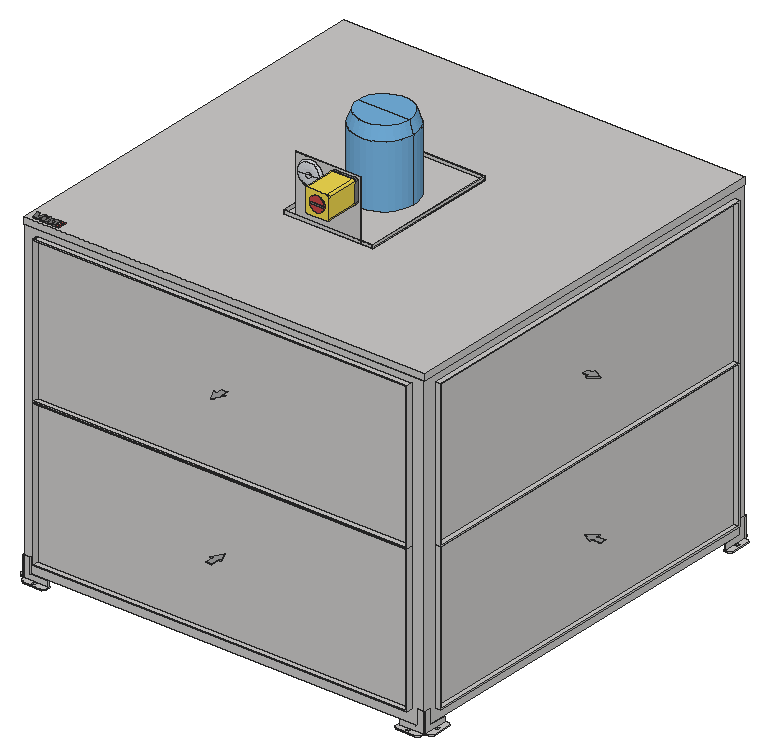
Revit family "BIM_KUBAIR F400 CC INTZ BDEZ Vertical", category Equipement de génie climatique, Revit 2016
Family settings
  Type d'élément = Normal
  Cote de connecteur circulaire = Utiliser le diamètre
  Numéro OmniClass = 23.75.00.00
  Titre OmniClass = Climate Control (HVAC)
  Basée sur le plan de construction = Non
  Toujours verticalement = Oui
  Couper avec des vides une fois chargée = Non
  Partagée = Non
  Point de calcul de pièce = Oui
Parameters (values of type "KUBAIR F400 CC 800 6/12PT INTZ BDEZ 4,0/1,0kW")
  Visibilité_marque = yes
  Tension_nominale = 400 V
  Reference = ""
  Puissance_electrique = 4000 W
  Protection_IP = "IP 55"
  Prof_INTZ = 120 mm
  Position_A_equerre = 234 mm
  Poids = "309 Kg"
  Nombre_de_phases = "3"
  Modèle = "KUBAIR F400 CC 800 6/12PT INTZ BDEZ 4,0/1,0kW Caisson"
  Materiau_caisson = Acier, galvanisé
  Lien_page_produit = "http://www.vim.fr/fr/caissons-d-extraction-f400-120/429-kubair-f400-nouvelle-gamme.html"
  Largeur_equerre = 218 mm
  L = 446 mm
  IfcExportType = "IfcFlowMovingDevice"
  IfcExportAs = "IfcFan"
  Hauteur_equerre = 199.5 mm
  H = 552 mm
  GC = 62 mm
  Fabricant = "VIM"
  Debit_mini = "660 m³/h"
  Debit_maxi = "23390 m³/h"
  Debit [instance] = 0.0 L/s
  D = 1248 mm
  Courant_nominal = 12.6 A
  Consignes – raccordements aérauliques = "Raccorder 1, 2 ou 3 ouies  au refoulement et 1, 2 ou 3 ouies à l’aspiration"
  Code_article = "644830"
  Classe_de_protection_electrique = "F"
  C = 488 mm
  BVC = 1084 mm
  A = 1338 mm
Reference planes
  plane 1 "Centre (avant/arrière)": y = 0
  plane 2: z = 0
  plane 3 "Centre (gauche/droite)": x = 0
  plane 4: x = -669
  plane 5: x = 669
  plane 6: y = 669
  plane 7: y = -669
  plane 8: z = 2
  plane 9: y = -667
  plane 10: x = 31
  plane 11: y = -689
  plane 12: x = -667
  plane 13: y = 667
  plane 14: x = 667
  plane 15: y = -667
  plane 16: x = 624
  plane 17: x = -624
  plane 18: x = 626
  plane 19: x = -626
  plane 20: y = 627
  plane 21: y = -647
  plane 22: y = 689
  plane 23: y = 624
  plane 24: y = -624
  plane 25: y = -626
  plane 26: y = 626
  plane 27: x = 689
  plane 28: x = -689
  plane 29: z = 1084
  plane 30: z = 1530
  plane 31: z = 796
  plane 32: z = 1040
  plane 33: z = 1038
  plane 34: z = 552
  plane 35: z = 554
  plane 36: z = 1062
  plane 37: z = 8
  plane 38: z = 62
  plane 39: z = 550
  plane 40: z = 64
  plane 41: z = 307
Forms (mm)
  Extrusion 1, solid, material "Acier, galvanisé" <- "Materiau_caisson"
    sketch origin (0, 0, 272) x (1, 0, 0) y (0, 1, 0)
      loop
        line (-669, 669) -> (-669, -669) -> (669, -669) -> (669, 669) -> (-669, 669)
      loop
        line (667, 667) -> (-667, 667) -> (-667, -667) -> (667, -667) -> (667, 667)
    from -252 to 790
  Extrusion 2, solid, material "Acier, galvanisé" <- "Materiau_caisson"
    sketch origin (0, 0, 272) x (1, 0, 0) y (0, 1, 0)
      loop
        line (-671, 671) -> (-671, -671) -> (671, -671) -> (671, 671) -> (-671, 671)
    from 790 to 812
  Extrusion 3, solid, material "Acier, galvanisé" <- "Materiau_caisson"
    sketch origin (0, 0, 272) x (1, 0, 0) y (0, 0, 1)
      loop
        line (-626, 768) -> (-626, 280) -> (626, 280) -> (626, 768) -> (-626, 768)
      loop
        line (-624, 766) -> (-624, 282) -> (624, 282) -> (624, 766) -> (-624, 766)
    from 669 to 689
  Extrusion 4, solid, material "Acier, galvanisé" <- "Materiau_caisson"
    sketch origin (0, 0, 272) x (1, 0, 0) y (0, 0, -1)
      loop
        line (-626, -768) -> (626, -768) -> (626, -280) -> (-626, -280) -> (-626, -768)
      loop
        line (-624, -766) -> (624, -766) -> (624, -282) -> (-624, -282) -> (-624, -766)
    from 669 to 689
  Extrusion 5, solid, material "Acier, galvanisé" <- "Materiau_caisson"
    sketch origin (0, 0, 272) x (0, 1, 0) y (0, 0, 1)
      loop
        line (-626, 768) -> (-626, 280) -> (626, 280) -> (626, 768) -> (-626, 768)
      loop
        line (-624, 766) -> (-624, 282) -> (624, 282) -> (624, 766) -> (-624, 766)
    from 669 to 689
  Extrusion 6, solid, material "Acier, galvanisé" <- "Materiau_caisson"
    sketch origin (0, 0, 272) x (0, 1, 0) y (0, 0, -1)
      loop
        line (-626, -768) -> (626, -768) -> (626, -280) -> (-626, -280) -> (-626, -768)
      loop
        line (-624, -766) -> (624, -766) -> (624, -282) -> (-624, -282) -> (-624, -766)
    from 669 to 689
  Extrusion 7, solid, material "Acier, galvanisé" <- "Materiau_caisson"
    sketch origin (0, 0, 0) x (1, 0, 0) y (0, 0, 1)
      loop
        line (-626, 552) -> (-626, 62) -> (626, 62) -> (626, 552) -> (-626, 552)
      loop
        line (-624, 550) -> (-624, 64) -> (624, 64) -> (624, 550) -> (-624, 550)
    from 669 to 689
  Extrusion 8, solid, material "Acier, galvanisé" <- "Materiau_caisson"
    sketch origin (0, 0, 0) x (0, 1, 0) y (0, 0, 1)
      loop
        line (-626, 552) -> (-626, 62) -> (626, 62) -> (626, 552) -> (-626, 552)
      loop
        line (-624, 550) -> (-624, 64) -> (624, 64) -> (624, 550) -> (-624, 550)
    from -689 to -669
  Extrusion 9, solid, material "Acier, galvanisé" <- "Materiau_caisson"
    sketch origin (0, 0, 0) x (0, 1, 0) y (0, 0, 1)
      loop
        line (-626, 552) -> (-626, 62) -> (626, 62) -> (626, 552) -> (-626, 552)
      loop
        line (-624, 550) -> (-624, 64) -> (624, 64) -> (624, 550) -> (-624, 550)
    from 669 to 689
  Extrusion 10, solid, material "Acier, galvanisé" <- "Materiau_caisson"
    sketch origin (0, 0, 0) x (1, 0, 0) y (0, 0, 1)
      loop
        line (626, 552) -> (-626, 552) -> (-626, 62) -> (626, 62) -> (626, 552)
      loop
        line (624, 550) -> (-624, 550) -> (-624, 64) -> (624, 64) -> (624, 550)
    from -689 to -669
Dimensions and locks
  locked: plane 8 to plane 2 at 2
  locked: plane 7 to plane 9 at 2
  locked: plane 7 to plane 15 at 2
  locked: plane 13 to plane 6 at 2
  locked: plane 4 to plane 12 at 2
  locked: plane 14 to plane 5 at 2
  equal spacing: plane 17, plane 3 "Centre (gauche/droite)", plane 16
  "D": plane 17 to plane 16
  locked: plane 19 to plane 17 at 2
  locked: plane 18 to plane 16 at 2
  locked: plane 20 to plane 13 at 40
  locked: plane 21 to plane 9 at 20
  equal spacing: plane 24, plane 1 "Centre (avant/arrière)", plane 23
  "D": plane 24 to plane 23
  locked: plane 25 to plane 24 at 2
  locked: plane 23 to plane 26 at 2
  locked: plane 27 to plane 5 at 20
  locked: plane 4 to plane 28 at 20
  locked: plane 6 to plane 22 at 20
  locked: plane 11 to plane 7 at 20
  "BVC": plane 29 to plane 2
  "L": plane 30 to plane 29
  equal spacing: plane 6, plane 1 "Centre (avant/arrière)", plane 7
  "A": plane 6 to plane 7
  equal spacing: plane 4, plane 3 "Centre (gauche/droite)", plane 5
  "A": plane 4 to plane 5
  locked: plane 35 to plane 34 at 2
  locked: plane 32 to plane 33 at 2
  equal spacing: plane 32, plane 31, plane 34
  "C": plane 32 to plane 34
  locked: plane 29 to plane 36 at 22
  locked: plane 37 to plane 2 at 8
  "GC": plane 38 to plane 2
  "C": plane 39 to plane 38
  "H": plane 34 to plane 2
  locked: plane 40 to plane 38 at 2
  locked: plane 4 to nested 6 at 60
  locked: plane 7 to nested 7 at 60
  equal spacing: plane 38, plane 41, plane 34
  aligned and locked: plane 2 to level
  aligned and locked: plane 4 to nested 1
  aligned and locked: nested 1 to plane 6
  aligned and locked: plane 4 to nested 2
  aligned and locked: nested 2 to plane 7
  aligned and locked: nested 3 to plane 6
  aligned and locked: plane 5 to nested 3
  aligned and locked: plane 5 to nested 4
  aligned and locked: nested 4 to plane 7
  aligned and locked: nested 1 to plane 2
  aligned and locked: Extrusion 5 to plane 5
  aligned and locked: plane 27 to Extrusion 5
  aligned and locked: Extrusion 3 to plane 7
  aligned and locked: Extrusion 3 to plane 11
  aligned and locked: Extrusion 4 to plane 6
  aligned and locked: plane 22 to Extrusion 4
  aligned and locked: plane 4 to Extrusion 6
  aligned and locked: plane 28 to Extrusion 6
  aligned and locked: Extrusion 3 sketch curve to plane 32
  aligned and locked: Extrusion 3 sketch curve to plane 33
  aligned and locked: Extrusion 3 sketch curve to plane 34
  aligned and locked: Extrusion 3 sketch curve to plane 35
  aligned and locked: Extrusion 4 sketch curve to plane 32
  aligned and locked: Extrusion 4 sketch curve to plane 33
  aligned and locked: Extrusion 4 sketch curve to plane 35
  aligned and locked: Extrusion 4 sketch curve to plane 34
  aligned and locked: Extrusion 5 sketch curve to plane 32
  aligned and locked: Extrusion 5 sketch curve to plane 33
  aligned and locked: Extrusion 5 sketch curve to plane 34
  aligned and locked: Extrusion 5 sketch curve to plane 35
  aligned and locked: Extrusion 6 sketch curve to plane 34
  aligned and locked: Extrusion 6 sketch curve to plane 35
  aligned and locked: Extrusion 6 sketch curve to plane 33
  aligned and locked: Extrusion 6 sketch curve to plane 32
  aligned and locked: Extrusion 2 to plane 29
  aligned and locked: Extrusion 2 to plane 36
  aligned and locked: Extrusion 7 sketch curve to Extrusion 3  (x2)
  aligned and locked: Extrusion 7 sketch curve to plane 38
  aligned and locked: Extrusion 7 sketch curve to plane 18
  aligned and locked: Extrusion 7 sketch curve to plane 39
  aligned and locked: Extrusion 7 sketch curve to plane 17
  aligned and locked: Extrusion 7 sketch curve to plane 40
  aligned and locked: Extrusion 7 sketch curve to plane 16
  aligned and locked: Extrusion 7 to plane 7
  aligned and locked: Extrusion 7 to plane 11
  aligned and locked: Extrusion 8 sketch curve to Extrusion 5  (x2)
  aligned and locked: Extrusion 8 sketch curve to plane 38
  aligned and locked: Extrusion 8 sketch curve to plane 26
  aligned and locked: Extrusion 8 sketch curve to plane 39
  aligned and locked: Extrusion 8 sketch curve to plane 24
  aligned and locked: Extrusion 8 sketch curve to plane 40
  aligned and locked: Extrusion 8 sketch curve to plane 23
  aligned and locked: Extrusion 8 to plane 4
  aligned and locked: Extrusion 8 to plane 28
  aligned and locked: Extrusion 9 sketch curve to Extrusion 5  (x2)
  aligned and locked: Extrusion 9 sketch curve to plane 38
  aligned and locked: Extrusion 9 sketch curve to plane 26
  aligned and locked: Extrusion 9 sketch curve to plane 39
  aligned and locked: Extrusion 9 sketch curve to plane 24
  aligned and locked: Extrusion 9 sketch curve to plane 40
  aligned and locked: Extrusion 9 sketch curve to plane 23
  aligned and locked: Extrusion 9 to plane 5
  aligned and locked: Extrusion 9 to plane 27
  aligned and locked: Extrusion 10 sketch curve to Extrusion 3
  aligned and locked: Extrusion 10 sketch curve to Extrusion 7
  aligned and locked: Extrusion 10 sketch curve to plane 38
  aligned and locked: Extrusion 10 sketch curve to plane 19
  aligned and locked: Extrusion 10 sketch curve to plane 39
  aligned and locked: plane 16 to Extrusion 10 sketch curve
  aligned and locked: Extrusion 10 sketch curve to plane 40
  aligned and locked: Extrusion 10 sketch curve to plane 17
  aligned and locked: Extrusion 10 to plane 6
  aligned and locked: Extrusion 10 to plane 22
  aligned and locked: nested 6 to plane 21
  aligned and locked: plane 3 "Centre (gauche/droite)" to nested 5
  aligned and locked: plane 1 "Centre (avant/arrière)" to nested 5
  aligned and locked: nested 12 to plane 3 "Centre (gauche/droite)"
  aligned and locked: nested 15 to plane 1 "Centre (avant/arrière)"
  aligned and locked: plane 1 "Centre (avant/arrière)" to nested 13
  aligned and locked: plane 3 "Centre (gauche/droite)" to nested 14
  aligned and locked: nested 11 to plane 3 "Centre (gauche/droite)"
  aligned and locked: nested 10 to plane 1 "Centre (avant/arrière)"
  aligned and locked: plane 1 "Centre (avant/arrière)" to nested 8
  aligned and locked: plane 3 "Centre (gauche/droite)" to nested 9
  aligned and locked: Extrusion 1 to plane 36
  aligned and locked: plane 31 to nested 11
  aligned and locked: nested 9 to plane 31
  aligned and locked: plane 41 to nested 12
  aligned and locked: nested 14 to plane 41
  aligned and locked: plane 31 to nested 10
  aligned and locked: nested 8 to plane 31
  aligned and locked: plane 41 to nested 13
  aligned and locked: nested 15 to plane 41
Automatic sketch dimensions
  Extrusion 1 sketch curve to plane 4 = 0 mm
  Extrusion 1 sketch curve to plane 9 = 0 mm
  Extrusion 1 sketch curve to plane 12 = 0 mm
  plane 13 to Extrusion 1 sketch curve = 0 mm
  Extrusion 1 sketch curve to plane 14 = 0 mm
  Extrusion 1 sketch curve to plane 5 = 0 mm
  plane 7 to Extrusion 1 sketch curve = 0 mm
  Extrusion 1 sketch curve to plane 6 = 0 mm
  Extrusion 2 sketch curve to plane 4 = 2 mm
  plane 5 to Extrusion 2 sketch curve = 2 mm
  plane 7 to Extrusion 2 sketch curve = 2 mm
  plane 6 to Extrusion 2 sketch curve = 2 mm
  plane 19 to Extrusion 3 sketch curve = 0 mm
  Extrusion 3 sketch curve to plane 17 = 0 mm
  Extrusion 3 sketch curve to plane 16 = 0 mm
  Extrusion 3 sketch curve to plane 18 = 0 mm
  plane 19 to Extrusion 4 sketch curve = 0 mm
  plane 17 to Extrusion 4 sketch curve = 0 mm
  plane 16 to Extrusion 4 sketch curve = 0 mm
  plane 18 to Extrusion 4 sketch curve = 0 mm
  Extrusion 5 sketch curve to plane 25 = 0 mm
  Extrusion 5 sketch curve to plane 24 = 0 mm
  Extrusion 5 sketch curve to plane 23 = 0 mm
  Extrusion 5 sketch curve to plane 26 = 0 mm
  Extrusion 6 sketch curve to plane 25 = 0 mm
  Extrusion 6 sketch curve to plane 24 = 0 mm
  Extrusion 6 sketch curve to plane 23 = 0 mm
  Extrusion 6 sketch curve to plane 26 = 0 mm
Nested families
  nested 1: "Pieds_pates" at (-669, 669, 0), type "Pieds"
  nested 2: "Pieds_pates" at (-669, -669, 0), type "Pieds"
  nested 3: "Pieds_pates" at (669, 669, 0) x (-1, 0, 0) z (0, 0, 1), type "Pieds"
  nested 4: "Pieds_pates" at (669, -669, 0) x (-1, 0, 0) z (0, 0, 1), type "Pieds"
  nested 5: "INTZ+BDEZ" at (0, 0, 1084), type "INTZ+BDEZ"
  nested 6: "Marque_F" at (-609, -647, 1084), visible <- "Visibilité_marque", type "Marque_F"
  nested 7: "Consigne" at (10, -609, 1084), type "Consigne"
  nested 8: "Fleches_refoulement_tranche" at (-669, 0, 796.329) x (0, 1, 0) z (-1, 0, 0), type "Refoulement"
  nested 9: "Fleches_refoulement_tranche" at (0, -669, 796.358) x (1, 0, 0) z (0, -1, 0), type "Refoulement"
  nested 10: "Fleches_refoulement_tranche" at (669, 0, 795.642) x (0, -1, 0) z (1, 0, 0), type "Refoulement"
  nested 11: "Fleches_refoulement_tranche" at (0, 669, 795.642) x (1, 0, 0) z (0, 1, 0), type "Refoulement"
  nested 12: "Fleches_aspiration_tranche" at (0, 669, 306.786) x (1, 0, 0) z (0, 1, 0), type "Aspiration"
  nested 13: "Fleches_aspiration_tranche" at (-669, 0, 306.786) x (0, 1, 0) z (-1, 0, 0), type "Aspiration"
  nested 14: "Fleches_aspiration_tranche" at (0, -669, 307.214) x (1, 0, 0) z (0, -1, 0), type "Aspiration"
  nested 15: "Fleches_aspiration_tranche" at (669, 0, 307.163) x (0, -1, 0) z (1, 0, 0), type "Aspiration"
Connectors
  hvac at (0, -689, 796), driven by "C", driven by "D", driven by "Debit"
    settings: on Extrusion 3, index 10, duct flow 0.0 L/s, flow factor 0, pres drop 0.0 Pa, loss coef 0, conn angle 0.00°, conn width 1248 mm, conn height 488 mm, conn diameter 609.6 mm, duct sys type 1, conn prof type 1, flow config 0, flow direction 2, loss method 0, conn ref index -1, conn util no, is conn primary yes, conn desc ""
  hvac at (689, 0, 796), driven by "C", driven by "D", driven by "Debit"
    settings: on Extrusion 5, index 11, duct flow 0.0 L/s, flow factor 0, pres drop 0.0 Pa, loss coef 0, conn angle 0.00°, conn width 1248 mm, conn height 488 mm, conn diameter 609.6 mm, duct sys type 1, conn prof type 1, flow config 0, flow direction 2, loss method 0, conn ref index -1, conn util no, is conn primary no, conn desc ""
  hvac at (0, 689, 796), driven by "C", driven by "D", driven by "Debit"
    settings: on Extrusion 4, index 12, duct flow 0.0 L/s, flow factor 0, pres drop 0.0 Pa, loss coef 0, conn angle 0.00°, conn width 1248 mm, conn height 488 mm, conn diameter 609.6 mm, duct sys type 1, conn prof type 1, flow config 0, flow direction 2, loss method 0, conn ref index -1, conn util no, is conn primary no, conn desc ""
  hvac at (-689, 0, 796), driven by "C", driven by "D", driven by "Debit"
    settings: on Extrusion 6, index 13, duct flow 0.0 L/s, flow factor 0, pres drop 0.0 Pa, loss coef 0, conn angle 0.00°, conn width 1248 mm, conn height 488 mm, conn diameter 609.6 mm, duct sys type 1, conn prof type 1, flow config 0, flow direction 2, loss method 0, conn ref index -1, conn util no, is conn primary no, conn desc ""
  hvac at (689, 0, 307), driven by "Debit", driven by "C", driven by "D"
    settings: on Extrusion 9, index 14, duct flow 0.0 L/s, flow factor 0, pres drop 0.0 Pa, loss coef 0, conn angle 0.00°, conn width 1248 mm, conn height 488 mm, conn diameter 609.6 mm, duct sys type 2, conn prof type 1, flow config 0, flow direction 1, loss method 0, conn ref index -1, conn util no, is conn primary no, conn desc ""
  hvac at (0, -689, 307), driven by "Debit", driven by "C", driven by "D"
    settings: on Extrusion 7, index 15, duct flow 0.0 L/s, flow factor 0, pres drop 0.0 Pa, loss coef 0, conn angle 0.00°, conn width 1248 mm, conn height 488 mm, conn diameter 609.6 mm, duct sys type 2, conn prof type 1, flow config 0, flow direction 1, loss method 0, conn ref index -1, conn util no, is conn primary no, conn desc ""
  hvac at (-689, 0, 307), driven by "Debit", driven by "C", driven by "D"
    settings: on Extrusion 8, index 16, duct flow 0.0 L/s, flow factor 0, pres drop 0.0 Pa, loss coef 0, conn angle 0.00°, conn width 1248 mm, conn height 488 mm, conn diameter 609.6 mm, duct sys type 2, conn prof type 1, flow config 0, flow direction 1, loss method 0, conn ref index -1, conn util no, is conn primary no, conn desc ""
  hvac at (0, 689, 307), driven by "Debit", driven by "C", driven by "D"
    settings: on Extrusion 10, index 17, duct flow 0.0 L/s, flow factor 0, pres drop 0.0 Pa, loss coef 0, conn angle 0.00°, conn width 1248 mm, conn height 488 mm, conn diameter 609.6 mm, duct sys type 2, conn prof type 1, flow config 0, flow direction 1, loss method 0, conn ref index -1, conn util no, is conn primary no, conn desc ""
  electrical at (59, -354, 1238.553), driven by "Tension_nominale", driven by "Puissance_electrique"
    settings: on nested 5, index 18, voltage 400 V, apparent load 4000 VA, apparent load phase1 0 VA, apparent load phase2 0 VA, apparent load phase3 0 VA, power factor 1, load classification "Autre", number of poles 1, system type 30, power factor state 1, is connector primary yes, connector utility no, sub classification motor no, connector description ""
Definition of nested family "Pieds_pates"
  Parameters (values of type "Pieds")
    Materiau_caisson = none
  Reference planes
    plane 1 "Centre (avant/arrière)": y = 0
    plane 2: z = 0
    plane 3 "Centre (gauche/droite)": x = 0
    plane 4: y = 24
    plane 5: x = -24
    plane 6: y = 12
    plane 7: x = -12
    plane 8: z = 3
    plane 9: x = 86
    plane 10: y = -86
    plane 11: y = 3
    plane 12: x = -3
    plane 13: z = 20
    plane 14: z = 70
    plane 15: x = 20
    plane 16: y = -20
    plane 17: y = -81
    plane 18: x = 81
  Forms (mm)
    Extrusion 1, solid, material <- "Materiau_caisson"
      sketch origin (452.073, -333.906, 0) x (1, 0, 0) y (0, 1, 0)
        loop
          line (-366.073, 348.906) -> (-375.073, 357.906) -> (-440.073, 357.906) -> (-450.911, 347.068) -> (-450.911, 333.906) -> (-366.073, 333.906) -> (-366.073, 348.906)
        loop
          line (-476.073, 321.906) -> (-476.073, 256.906) -> (-467.073, 247.906) -> (-452.073, 247.906) -> (-452.073, 332.822) -> (-465.157, 332.822) -> (-476.073, 321.906)
        loop
          circle (-409.073, 345.906) r 6
        loop
          circle (-464.073, 290.906) r 6
      from 0 to 3
    Extrusion 2, solid, material <- "Materiau_caisson"
      sketch origin (0, 0, 0) x (1, 0, 0) y (0, 0, 1)
        loop
          line (20, 20) -> (20, 70) -> (0, 70) -> (0, 3) -> (81, 3) -> (81, 20) -> (20, 20)
      from -3 to 0
    Extrusion 3, solid, material <- "Materiau_caisson"
      sketch origin (0, 0, 0) x (0, 1, 0) y (0, 0, 1)
        loop
          line (-20, 20) -> (-81, 20) -> (-81, 3) -> (0, 3) -> (0, 70) -> (-20, 70) -> (-20, 20)
      from -3 to 0
    Extrusion 4, solid, material <- "Materiau_caisson"
      sketch origin (0, 0, 0) x (1, 0, 0) y (0, 1, 0)
        loop
          line (-3, 3) -> (-3, 0) -> (0, 0) -> (0, 3) -> (-3, 3)
      from 3 to 70
  Dimensions and locks
    equal spacing: plane 1 "Centre (avant/arrière)", plane 6, plane 4
    equal spacing: plane 5, plane 7, plane 3 "Centre (gauche/droite)"
    locked: plane 8 to plane 2 at 3
    plane 5 to plane 7 = 12 mm
    plane 6 to plane 4 = 12 mm
    locked: plane 11 to plane 1 "Centre (avant/arrière)" at 3
    locked: plane 12 to plane 3 "Centre (gauche/droite)" at 3
    locked: plane 13 to plane 2 at 20
    plane 14 to plane 2 = 70 mm
    plane 15 to plane 3 "Centre (gauche/droite)" = 20 mm
    plane 16 to plane 1 "Centre (avant/arrière)" = 20 mm
    locked: plane 18 to plane 9 at 5
    locked: plane 17 to plane 10 at 5
    locked: plane 3 "Centre (gauche/droite)" to plane 9 at 86
    locked: plane 1 "Centre (avant/arrière)" to plane 10 at 86
    aligned and locked: level to plane 2
    aligned and locked: Extrusion 1 sketch curve to plane 4
    aligned and locked: plane 1 "Centre (avant/arrière)" to Extrusion 1 sketch curve
    aligned and locked: Extrusion 1 sketch curve to plane 5
    aligned and locked: plane 3 "Centre (gauche/droite)" to Extrusion 1 sketch curve
    aligned and locked: plane 8 to Extrusion 1
    aligned and locked: Extrusion 2 sketch curve to plane 13
    aligned and locked: plane 8 to Extrusion 2 sketch curve
    aligned and locked: Extrusion 3 sketch curve to Extrusion 1
    aligned and locked: plane 3 "Centre (gauche/droite)" to Extrusion 2 sketch curve
    aligned and locked: Extrusion 2 sketch curve to plane 14
    aligned and locked: Extrusion 2 sketch curve to plane 15
    aligned and locked: Extrusion 3 sketch curve to plane 16
    aligned and locked: Extrusion 3 sketch curve to plane 14
    aligned and locked: Extrusion 3 sketch curve to plane 1 "Centre (avant/arrière)"
    aligned and locked: Extrusion 4 sketch curve to plane 11
    aligned and locked: Extrusion 4 sketch curve to plane 12
    aligned and locked: Extrusion 4 to plane 8
    aligned and locked: plane 14 to Extrusion 4
    aligned and locked: Extrusion 4 sketch curve to plane 3 "Centre (gauche/droite)"
    aligned and locked: plane 1 "Centre (avant/arrière)" to Extrusion 4 sketch curve
    aligned and locked: plane 18 to Extrusion 2
    aligned and locked: Extrusion 3 to plane 17
  Automatic sketch dimensions
    Extrusion 1 sketch curve to plane 10 = 0 mm
    plane 1 "Centre (avant/arrière)" to Extrusion 1 sketch curve = 1.084 mm
    Extrusion 1 sketch curve to plane 7 = 0 mm
    Extrusion 1 sketch curve to plane 6 = 0 mm
    Extrusion 1 sketch curve to plane 9 = 0 mm
    plane 6 to Extrusion 1 sketch curve = 1.162 mm
    Extrusion 1 sketch curve to plane 7 = 3 mm
    plane 15 to Extrusion 1 sketch curve = 8 mm
    Extrusion 1 sketch curve to plane 9 = 9 mm
    plane 10 to Extrusion 1 sketch curve = 9 mm
    plane 6 to Extrusion 1 sketch curve = 3 mm
    Extrusion 1 sketch curve to plane 7 = 1.084 mm
    Extrusion 1 sketch curve to Extrusion 1 sketch curve = 1.162 mm
    Extrusion 1 sketch curve to plane 16 = 8 mm
    Extrusion 1 sketch curve to plane 15 = 23 mm
    plane 16 to Extrusion 1 sketch curve = 23 mm
    Extrusion 3 sketch curve to plane 13 = 0 mm
    Extrusion 2 sketch curve to plane 9 = 5 mm
    plane 10 to Extrusion 3 sketch curve = 5 mm
    radius of Extrusion 1 sketch curve = 6 mm  (x2)
Definition of nested family "INTZ+BDEZ"
  Parameters (values of type "INTZ+BDEZ")
    Section_platine = Position_A_equerre * 2  # 468 mm
    Prof_INTZ = 120 mm
    Position_A_equerre = 234 mm
    Materiau_platine = none
    Largeur_equerre = 218 mm
    Hauteur_moteur = 250 mm
    Hauteur_equerre = 199.5 mm
    Default Elevation = 1219.2 mm
  Reference planes
    plane 1 "Centre (avant/arrière)": y = 0
    plane 2: z = 0
    plane 3 "Centre (gauche/droite)": x = 0
    plane 4: x = 150
    plane 5: x = -150
    plane 6: y = 234
    plane 7: y = 232
    plane 8: x = 148
    plane 9: x = -148
    plane 10: z = 2
    plane 11: z = 12
    plane 12: x = -109
    plane 13: x = 109
    plane 14: z = 201.5
    plane 15: x = -55
    plane 16: y = -234
    plane 17: y = -236
    plane 18: x = -95
  Forms (mm)
    Extrusion 1, solid
      sketch origin (0, 0, 0) x (1, 0, 0) y (0, 1, 0)
        loop
          line (-510, 365) -> (-510, -285.5) -> (293.257, -285.5) -> (293.257, 365) -> (-510, 365)
      from 0 to -30
    Extrusion 2, solid, material <- "Materiau_platine"
      sketch origin (0, 0, 0) x (1, 0, 0) y (0, 1, 0)
        loop
          line (-150, 234) -> (-150, -234) -> (150, -234) -> (150, 234) -> (-150, 234)
      from 0 to 2
    Extrusion 3, solid, material <- "Materiau_platine"
      sketch origin (0, 0, 0) x (1, 0, 0) y (0, 1, 0)
        loop
          line (-150, 234) -> (-150, 232) -> (150, 232) -> (150, 234) -> (-150, 234)
        loop
          line (-148, -236) -> (148, -236) -> (148, -234) -> (-148, -234) -> (-148, -236)
      from 2 to 12
    Extrusion 4, solid, material <- "Materiau_platine"
      sketch origin (0, 0, 0) x (1, 0, 0) y (0, 1, 0)
        loop
          line (-150, 232) -> (-150, -234) -> (-148, -234) -> (-148, 232) -> (-150, 232)
        loop
          line (148, 232) -> (148, -234) -> (150, -234) -> (150, 232) -> (148, 232)
      from 0 to 12
    Extrusion 5, solid, material <- "Materiau_platine"
      sketch origin (0, -13.75, 0) x (1, 0, 0) y (0, 1, 0)
        loop
          line (-109, -220.25) -> (-109, -222.25) -> (109, -222.25) -> (109, -220.25) -> (-109, -220.25)
      from 2 to 201.5
  Dimensions and locks
    equal spacing: plane 5, plane 3 "Centre (gauche/droite)", plane 4
    locked: plane 5 to plane 9 at 2
    locked: plane 8 to plane 4 at 2
    locked: plane 6 to plane 7 at 2
    locked: plane 10 to plane 2 at 2
    locked: plane 11 to plane 10 at 10
    equal spacing: plane 12, plane 3 "Centre (gauche/droite)", plane 13
    "Largeur_equerre": plane 12 to plane 13
    "Hauteur_equerre": plane 14 to plane 10
    locked: plane 17 to plane 16 at 2
    "Position_A_equerre": plane 16 to plane 1 "Centre (avant/arrière)"
    equal spacing: plane 16, plane 1 "Centre (avant/arrière)", plane 6
    aligned and locked: plane 2 to Extrusion 1
    aligned and locked: level to Extrusion 1
    aligned and locked: Extrusion 2 sketch curve to plane 6
    aligned and locked: Extrusion 2 sketch curve to plane 5
    aligned and locked: Extrusion 2 sketch curve to plane 4
    aligned and locked: plane 10 to Extrusion 2
    aligned and locked: Extrusion 3 sketch curve to plane 6
    aligned and locked: Extrusion 3 sketch curve to plane 7
    aligned and locked: Extrusion 3 sketch curve to plane 9
    aligned and locked: plane 8 to Extrusion 3 sketch curve
    aligned and locked: Extrusion 4 sketch curve to plane 5
    aligned and locked: Extrusion 4 sketch curve to plane 7
    aligned and locked: Extrusion 4 sketch curve to Extrusion 2
    aligned and locked: Extrusion 4 to plane 11
    aligned and locked: Extrusion 5 sketch curve to plane 12
    aligned and locked: plane 13 to Extrusion 5 sketch curve
    aligned and locked: Extrusion 5 to plane 10
    aligned and locked: plane 14 to Extrusion 5
    aligned and locked: Extrusion 5 to plane 16
    aligned and locked: Extrusion 5 to nested 1
    aligned and locked: Extrusion 2 sketch curve to plane 16
    aligned and locked: Extrusion 3 sketch curve to plane 16
    aligned and locked: plane 17 to Extrusion 5
    aligned and locked: plane 5 to Extrusion 3 sketch curve
    aligned and locked: Extrusion 3 sketch curve to plane 4
    aligned and locked: Extrusion 4 sketch curve to plane 16  (x2)
    aligned and locked: plane 17 to nested 2
    aligned and locked: nested 2 to plane 15
    aligned and locked: plane 17 to Extrusion 3
    aligned and locked: plane 3 "Centre (gauche/droite)" to nested 3
    aligned and locked: plane 1 "Centre (avant/arrière)" to nested 3
    aligned and locked: nested 3 to plane 11
  Automatic sketch dimensions
    Extrusion 1 sketch curve to Extrusion 1 sketch curve = 803.257 mm
    Extrusion 1 sketch curve to Extrusion 1 sketch curve = 650.5 mm
    Extrusion 4 sketch curve to plane 9 = 0 mm
    plane 7 to Extrusion 4 sketch curve = 0 mm
    Extrusion 4 sketch curve to plane 8 = 0 mm
    plane 17 to Extrusion 3 sketch curve = 0 mm
    plane 17 to Extrusion 5 sketch curve = 0 mm
    plane 16 to Extrusion 5 sketch curve = 0 mm
  Nested families
    nested 1: "Interrupteur" at (59, -236, 154.553) x (-1, 0, 0) z (0, -1, 0), type "Interrupteur"
      with Profondeur 120 mm
    nested 2: "Pressostat" at (-55, -236, 155), type "Pressostat"
    nested 3: "Moteur_vertical_simple" at (0, 0, -268), type "Moteur_vertical_simple"
  Definition of nested family "Interrupteur"
    Parameters (values of type "Interrupteur")
      Section = 80 mm
      Rouge = none
      Profondeur = 100 mm
      Jaune = none
      Gris = none
      Default Elevation = 1219.2 mm
    Reference planes
      plane 1 "Centre (avant/arrière)": y = 0
      plane 2: z = 0
      plane 3 "Centre (gauche/droite)": x = 0
      plane 4: x = 40
      plane 5: x = -40
      plane 6: y = 40
      plane 7: y = -40
      plane 8: z = 100
      plane 9: z = 98
      plane 10: x = -32
      plane 11: y = -32
      plane 12: x = 32
      plane 13: y = 32
      plane 14: z = 10
      plane 15: y = 3
      plane 16: y = -3
      plane 17: x = 20
      plane 18: x = -20
      plane 19: z = 101
    Forms (mm)
      Extrusion 1, solid
        sketch origin (0, 0, 0) x (1, 0, 0) y (0, 1, 0)
          loop
            line (-154.5, 314.5) -> (-154.5, -85.662) -> (162.19, -85.662) -> (162.19, 314.5) -> (-154.5, 314.5)
        from 0 to -304.8
      Extrusion 2, solid, material <- "Jaune"
        sketch origin (0, 0, 0) x (1, 0, 0) y (0, 1, 0)
          loop
            arc (-32, 40) -> (-37.657, 37.657) -> (-40, 32) r 8
            line (-40, 32) -> (-40, -32)
            arc (-40, -32) -> (-37.657, -37.657) -> (-32, -40) r 8
            line (-32, -40) -> (32, -40)
            arc (32, -40) -> (37.657, -37.657) -> (40, -32) r 8
            line (40, -32) -> (40, 32)
            arc (40, 32) -> (37.657, 37.657) -> (32, 40) r 8
            line (32, 40) -> (-32, 40)
        from 10 to 98
      Extrusion 3, solid, material <- "Rouge"
        sketch origin (0, 0, 0) x (1, 0, 0) y (0, 1, 0)
          loop
            circle (0, 0) r 25
        from 98 to 100
      Extrusion 4, solid, material <- "Gris"
        sketch origin (0, 0, 0) x (1, 0, 0) y (0, 1, 0)
          loop
            arc (-16.846, 3) -> (-19.846, 0) -> (-16.846, -3) r 3
            line (-16.846, -3) -> (16.846, -3)
            arc (16.846, -3) -> (19.846, 0) -> (16.846, 3) r 3
            line (16.846, 3) -> (-16.846, 3)
        from 101 to 95
      Extrusion 5, solid, material <- "Gris"
        sketch origin (0, 0, 0) x (1, 0, 0) y (0, 1, 0)
          loop
            arc (-32, 40) -> (-37.657, 37.657) -> (-40, 32) r 8
            line (-40, 32) -> (-40, -32)
            arc (-40, -32) -> (-37.657, -37.657) -> (-32, -40) r 8
            line (-32, -40) -> (32, -40)
            arc (32, -40) -> (37.657, -37.657) -> (40, -32) r 8
            line (40, -32) -> (40, 32)
            arc (40, 32) -> (37.657, 37.657) -> (32, 40) r 8
            line (32, 40) -> (-32, 40)
        from 0 to 10
    Dimensions and locks
      equal spacing: plane 5, plane 3 "Centre (gauche/droite)", plane 4
      "Section": plane 5 to plane 4
      equal spacing: plane 6, plane 1 "Centre (avant/arrière)", plane 7
      "Section": plane 6 to plane 7
      "Profondeur": plane 8 to plane 2
      locked: plane 5 to Extrusion 2 sketch curve at 8  (x2)
      locked: plane 6 to Extrusion 2 sketch curve at 8  (x2)
      locked: Extrusion 2 sketch curve to plane 4 at 8  (x2)
      locked: plane 7 to Extrusion 2 sketch curve at 8  (x2)
      locked: plane 5 to plane 10 at 8
      locked: plane 12 to plane 4 at 8
      locked: plane 6 to plane 13 at 8
      locked: plane 11 to plane 7 at 8
      locked: plane 14 to plane 2 at 10
      plane 8 to plane 9 = 2 mm
      plane 9 to plane 14 = 88 mm
      equal spacing: plane 18, plane 3 "Centre (gauche/droite)", plane 17
      locked: plane 18 to plane 17 at 40
      equal spacing: plane 15, plane 1 "Centre (avant/arrière)", plane 16
      locked: plane 15 to plane 16 at 6
      locked: plane 19 to plane 8 at 1
      diameter of Extrusion 3 sketch curve = 50 mm
      aligned and locked: plane 2 to Extrusion 1
      aligned and locked: level to Extrusion 1
      aligned and locked: Extrusion 2 sketch curve to plane 6
      aligned and locked: Extrusion 2 sketch curve to plane 5
      aligned and locked: Extrusion 2 sketch curve to plane 7
      aligned and locked: Extrusion 2 sketch curve to plane 4
      aligned and locked: plane 9 to Extrusion 2
      aligned and locked: plane 3 "Centre (gauche/droite)" to Extrusion 3 sketch curve
      aligned and locked: plane 1 "Centre (avant/arrière)" to Extrusion 3 sketch curve
      aligned and locked: Extrusion 3 to plane 9
      aligned and locked: plane 8 to Extrusion 3
      aligned and locked: Extrusion 4 sketch curve to plane 15
      aligned and locked: Extrusion 4 sketch curve to plane 16
      aligned and locked: Extrusion 5 sketch curve to plane 6
      aligned and locked: Extrusion 5 sketch curve to plane 5
      aligned and locked: Extrusion 5 sketch curve to plane 7
      aligned and locked: Extrusion 5 sketch curve to plane 4
      aligned and locked: plane 14 to Extrusion 5
      aligned and locked: Extrusion 2 to plane 14
      aligned and locked: plane 19 to Extrusion 4
    Automatic sketch dimensions
      Extrusion 1 sketch curve to Extrusion 1 sketch curve = 316.69 mm
      Extrusion 1 sketch curve to Extrusion 1 sketch curve = 400.162 mm
      Extrusion 4 sketch curve to plane 17 = 3.154 mm
      Extrusion 4 sketch curve to plane 18 = 3.154 mm
      Extrusion 5 sketch curve to plane 11 = 0 mm  (x2)
      Extrusion 5 sketch curve to plane 10 = 0 mm
      plane 13 to Extrusion 5 sketch curve = 0 mm
  Definition of nested family "Pressostat"
    Reference planes
      plane 1 "Centre (avant/arrière)": y = 0
      plane 2: z = 0
      plane 3 "Centre (gauche/droite)": x = 0
    Forms (mm)
      Revolve 1, solid
        sketch origin (0, 0, 0) x (1, 0, 0) y (0, 1, 0)
          loop
            line (0, 0) -> (-37.108, 0)
            arc (-37.108, 0) -> (-40.759, -4.967) -> (-37.108, -9.935) r 5.205
            arc (-37.108, -9.935) -> (-23.665, -12.471) -> (-10, -11.83) r 58.775
            line (-10, -11.83) -> (0, -11.83) -> (0, 0)
          axis (0, 0) -> (0, -11.83)
        angle from 0 to 360
    Dimensions and locks
      aligned and locked: level to plane 2
      aligned and locked: Revolve 1 sketch curve to plane 3 "Centre (gauche/droite)"
  Definition of nested family "Moteur_vertical_simple"
    Parameters (values of type "Moteur_vertical_simple")
      Ø_moteur = 200 mm
      Materiau_cercle = none
      Mat_fond_moteur = none
      Mat_corps_moteur = none
      Marque = yes
      Hauteur_fond_moteur = 40 mm
      Hauteur_corps_moteur = 250 mm
      Angle_fond_moteur = 70.00°
    Reference planes
      plane 1 "Centre (avant/arrière)": y = 0
      plane 2: z = 0
      plane 3 "Centre (gauche/droite)": x = 0
      plane 4: z = 280
      plane 5: z = 530
      plane 6: z = 490
      plane 7: x = -100
      plane 8: x = 100
      plane 9: y = 100
      plane 10: y = -100
      plane 11: x = 200
      plane 12: x = -200
      plane 13: y = 200
      plane 14: y = -200
      plane 15: z = 285
      plane 16: through (0, 0, 1200) normal (-0.7071, 0.7071, 0)
      plane 17: through (0, 0, 1200) normal (-0.7071, -0.7071, 0)
      plane 18: through (-464.133, -181.29, 1200) normal (-0.7071, 0.7071, 0)
      plane 19: through (-181.29, -464.133, 1200) normal (-0.7071, 0.7071, 0)
      plane 20: through (428.84, -145.997, 1200) normal (-0.7071, -0.7071, 0)
      plane 21: through (145.997, -428.84, 1200) normal (-0.7071, -0.7071, 0)
      plane 22: z = 80
    Forms (mm)
      Extrusion 1, solid, material <- "Mat_corps_moteur"
        sketch origin (0, 0, 0) x (1, 0, 0) y (0, 1, 0)
          loop
            circle (0, 0) r 100
        from 280 to 490
      Revolve 2, solid, material <- "Mat_fond_moteur"
        sketch origin (0, 0, 0) x (1, 0, 0) y (0, 0, 1)
          loop
            line (-100, 490) -> (0, 490) -> (0, 530) -> (-85.441, 530) -> (-100, 490)
          axis (0, 530) -> (0, 490)
        angle from 0 to 360
    Dimensions and locks
      plane 4 to plane 22 = 200 mm
      "Hauteur_corps_moteur": plane 5 to plane 4
      "Hauteur_fond_moteur": plane 5 to plane 6
      equal spacing: plane 7, plane 3 "Centre (gauche/droite)", plane 8
      "Ø_moteur": plane 7 to plane 8
      equal spacing: plane 9, plane 1 "Centre (avant/arrière)", plane 10
      "Ø_moteur": plane 9 to plane 10
      equal spacing: plane 12, plane 3 "Centre (gauche/droite)", plane 11
      plane 12 to plane 11 = 400 mm
      equal spacing: plane 13, plane 1 "Centre (avant/arrière)", plane 14
      plane 14 to plane 13 = 400 mm
      locked: plane 15 to plane 4 at 5
      equal spacing: plane 21, plane 17, plane 20
      plane 21 to plane 20 = 400 mm
      equal spacing: plane 18, plane 16, plane 19
      plane 18 to plane 19 = 400 mm
      plane 22 to plane 2 = 80 mm
      "Ø_moteur": diameter of Extrusion 1 sketch curve
      "Angle_fond_moteur": angle Extrusion 1 to Revolve 2 sketch curve
      locked: plane 16 to plane 3 "Centre (gauche/droite)" (angle 45.00°)  (x2)
      locked: plane 17 to plane 1 "Centre (avant/arrière)" (angle 45.00°)  (x2)
      aligned and locked: level to plane 2
      aligned and locked: Extrusion 1 to plane 4
      aligned and locked: plane 6 to Extrusion 1
      aligned and locked: Revolve 2 sketch curve to plane 5
      aligned and locked: Revolve 2 sketch curve to plane 3 "Centre (gauche/droite)"  (x2)
      aligned and locked: plane 6 to Revolve 2 sketch curve
      aligned and locked: plane 7 to Revolve 2 sketch curve
      aligned and locked: plane 1 "Centre (avant/arrière)" to Extrusion 1 sketch curve
      aligned and locked: plane 3 "Centre (gauche/droite)" to Extrusion 1 sketch curve
    Automatic sketch dimensions
      plane 15 to Revolve 2 sketch curve = 50.761 mm
      Revolve 2 sketch curve to Revolve 2 sketch curve = 160 mm
Definition of nested family "Marque_F"
  Parameters (values of type "Marque_F")
    Mat marque = none
    Default Elevation = 1219.2 mm
  Reference planes
    plane 1 "Centre (avant/arrière)": y = 0
    plane 2: z = 0
    plane 3 "Centre (gauche/droite)": x = 0
    plane 4: x = -46.406
    plane 5: x = 47.285
  Forms (mm)
    Extrusion 1, solid
      sketch origin (0, 0, 0) x (1, 0, 0) y (0, 1, 0)
        loop
          line (-1219.2, 1219.2) -> (-1219.2, -1219.2) -> (1219.2, -1219.2) -> (1219.2, 1219.2) -> (-1219.2, 1219.2)
      from 0 to -304.8
    Extrusion 2, solid, material <- "Mat marque"
      sketch origin (-10.749, -2.822, -18.328) x (1, 0, 0) y (0, 1, 0)
        loop
          arc (-29.131, -8.082) -> (-27.403, -9.625) -> (-25.154, -10.182) r 4.817
          line (-25.154, -10.182) -> (-17.577, -10.182)
          arc (-17.577, -10.182) -> (-15.328, -9.625) -> (-13.599, -8.082) r 4.817
          line (-13.599, -8.082) -> (-7.092, 14.702)
          arc (-7.092, 14.702) -> (-7.44, 16.728) -> (-9.276, 17.653) r 2.283
          line (-9.276, 17.653) -> (-15.161, 17.653)
          arc (-15.161, 17.653) -> (-16.823, 17.105) -> (-17.833, 15.676) r 2.794
          line (-17.833, 15.676) -> (-21.365, 4.124) -> (-24.897, 15.676)
          arc (-24.897, 15.676) -> (-25.907, 17.105) -> (-27.569, 17.653) r 2.794
          line (-27.569, 17.653) -> (-33.455, 17.653)
          arc (-33.455, 17.653) -> (-35.29, 16.728) -> (-35.638, 14.702) r 2.283
          line (-35.638, 14.702) -> (-29.131, -8.082)
        loop
          arc (-3.739, 17.653) -> (-5.883, 14.581) -> (-3.739, 11.509) r 3.273
          line (-3.739, 11.509) -> (3.056, 11.509)
          arc (3.056, 11.509) -> (5.2, 14.581) -> (3.056, 17.653) r 3.273
          line (3.056, 17.653) -> (-3.739, 17.653)
        loop
          arc (-2.818, 9.758) -> (-4.715, 8.973) -> (-5.501, 7.076) r 2.682
          line (-5.501, 7.076) -> (-5.501, -8.338)
          arc (-5.501, -8.338) -> (-4.715, -10.234) -> (-2.818, -11.02) r 2.682
          line (-2.818, -11.02) -> (2.421, -11.02)
          arc (2.421, -11.02) -> (4.431, -10.188) -> (5.264, -8.178) r 2.842
          line (5.264, -8.178) -> (5.264, 6.916)
          arc (5.264, 6.916) -> (4.431, 8.926) -> (2.421, 9.758) r 2.842
          line (2.421, 9.758) -> (-2.818, 9.758)
        loop
          arc (7.188, -7.628) -> (8.183, -10.03) -> (10.585, -11.025) r 3.397
          line (10.585, -11.025) -> (14.628, -11.025)
          arc (14.628, -11.025) -> (16.391, -10.295) -> (17.122, -8.532) r 2.493
          line (17.122, -8.532) -> (17.122, 4.567) -> (20.707, -9.435)
          arc (20.707, -9.435) -> (21.495, -10.583) -> (22.816, -11.025) r 2.195
          line (22.816, -11.025) -> (27.116, -11.025)
          arc (27.116, -11.025) -> (28.419, -10.589) -> (29.197, -9.456) r 2.166
          line (29.197, -9.456) -> (32.788, 4.567) -> (32.788, -8.532)
          arc (32.788, -8.532) -> (33.519, -10.295) -> (35.282, -11.025) r 2.493
          line (35.282, -11.025) -> (39.325, -11.025)
          arc (39.325, -11.025) -> (41.727, -10.03) -> (42.722, -7.628) r 3.397
          line (42.722, -7.628) -> (42.722, 15.171)
          arc (42.722, 15.171) -> (41.995, 16.926) -> (40.24, 17.653) r 2.482
          line (40.24, 17.653) -> (31.591, 17.653)
          arc (31.591, 17.653) -> (29.618, 17.022) -> (28.379, 15.362) r 3.397
          line (28.379, 15.362) -> (24.955, 5.42) -> (21.532, 15.362)
          arc (21.532, 15.362) -> (20.292, 17.022) -> (18.319, 17.653) r 3.397
          line (18.319, 17.653) -> (9.67, 17.653)
          arc (9.67, 17.653) -> (7.915, 16.926) -> (7.188, 15.171) r 2.482
          line (7.188, 15.171) -> (7.188, -7.628)
      from 18.328 to 19.828
    Extrusion 3, solid
      sketch origin (26.206, -0.091, 0) x (1, 0, 0) y (0, 1, 0)
        loop
          line (12.746, 15.217) -> (12.746, 7.003) -> (21.105, 7.003) -> (21.105, 15.217) -> (12.746, 15.217)
        loop
          line (12.746, -5.64) -> (12.746, -13.854) -> (21.105, -13.854) -> (21.105, -5.64) -> (12.746, -5.64)
        loop
          line (12.746, 5.561) -> (12.746, -4.153) -> (21.105, -4.153) -> (21.105, 5.561) -> (12.746, 5.561)
      from 0 to 1.5
  Dimensions and locks
    aligned and locked: plane 2 to Extrusion 1
    aligned and locked: level to Extrusion 1
Definition of nested family "Fleches_refoulement_tranche"
  Parameters (values of type "Refoulement")
    Longueur_tete = 35 mm
    Longueur_corps = 70 mm
    Largeur_tete = 40 mm
    Largeur_corps = 20 mm
    Default Elevation = 1219.2 mm
    Couleur = none
  Reference planes
    plane 1 "Centre (avant/arrière)": y = 0
    plane 2: z = 0
    plane 3 "Centre (gauche/droite)": x = 0
    plane 4: x = 10
    plane 5: x = -10
    plane 6: y = -35
    plane 7: y = 70
    plane 8: x = -20
    plane 9: x = 20
    plane 10: y = 35
  Forms (mm)
    Extrusion 1, solid
      sketch origin (0, 0, 0) x (1, 0, 0) y (0, 1, 0)
        loop
          line (-1219.2, 1219.2) -> (-1219.2, -1219.2) -> (1219.2, -1219.2) -> (1219.2, 1219.2) -> (-1219.2, 1219.2)
      from 0 to -304.8
    Extrusion 2, solid
      sketch origin (0, 0, 0) x (1, 0, 0) y (0, 0, 1)
        loop
          line (0, 56.262) -> (-20, 21.262) -> (-10, 21.262) -> (-10, 0) -> (10, 0) -> (10, 21.262) -> (20, 21.262) -> (0, 56.262)
      from -0.329 to 0.358
  Lines and regions (mm)
    reference lines
      curve 1: line (0, 85, 0) -> (0, -70, 0)
      curve 2: line (0, 0, 75) -> (0, 0, -25)
  Dimensions and locks
    "Longueur_corps": plane 7 to plane 1 "Centre (avant/arrière)"
    "Longueur_tete": plane 6 to plane 1 "Centre (avant/arrière)"
    equal spacing: plane 5, plane 3 "Centre (gauche/droite)", plane 4
    "Largeur_corps": plane 5 to plane 4
    equal spacing: plane 8, plane 3 "Centre (gauche/droite)", plane 9  (x2)
    "Largeur_tete": plane 8 to plane 9
    equal spacing: plane 7, plane 10, plane 1 "Centre (avant/arrière)"
    plane 8 to plane 9 = 40 mm
    aligned and locked: plane 2 to Extrusion 1
    aligned and locked: level to Extrusion 1
    aligned and locked: curve 1 to plane 3 "Centre (gauche/droite)"
    aligned and locked: curve 2 to plane 3 "Centre (gauche/droite)"
    aligned and locked: Extrusion 2 sketch curve to plane 2
  Automatic sketch dimensions
    Extrusion 1 sketch curve to Extrusion 1 sketch curve = 2438.4 mm  (x2)
    curve 1 to plane 6 = 35 mm
    plane 7 to curve 1 = 15 mm
    curve 2 to level = 25 mm
    level to curve 2 = 75 mm
    plane 8 to Extrusion 2 sketch curve = 0 mm
    Extrusion 2 sketch curve to plane 3 "Centre (gauche/droite)" = 0 mm
    Extrusion 2 sketch curve to plane 9 = 0 mm
    level to Extrusion 2 sketch curve = 56.262 mm
    level to Extrusion 2 sketch curve = 21.262 mm  (x2)
    Extrusion 2 sketch curve to plane 4 = 0 mm
    plane 5 to Extrusion 2 sketch curve = 0 mm
Definition of nested family "Fleches_aspiration_tranche"
  Parameters (values of type "Aspiration")
    Longueur_tete = 35 mm
    Longueur_corps = 70 mm
    Largeur_tete = 40 mm
    Largeur_corps = 20 mm
    Default Elevation = 1219.2 mm
    Couleur = none
  Reference planes
    plane 1 "Centre (avant/arrière)": y = 0
    plane 2: z = 0
    plane 3 "Centre (gauche/droite)": x = 0
    plane 4: x = 10
    plane 5: x = -10
    plane 6: y = -35
    plane 7: y = 70
    plane 8: x = -20
    plane 9: x = 20
    plane 10: y = 35
  Forms (mm)
    Extrusion 1, solid
      sketch origin (0, 0, 0) x (1, 0, 0) y (0, 1, 0)
        loop
          line (-1219.2, 1219.2) -> (-1219.2, -1219.2) -> (1219.2, -1219.2) -> (1219.2, 1219.2) -> (-1219.2, 1219.2)
      from 0 to -304.8
    Extrusion 2, solid
      sketch origin (0, 0, 0) x (1, 0, 0) y (0, 0, 1)
        loop
          line (-20, 35.012) -> (0, 0.012) -> (20, 35.012) -> (10, 35.012) -> (10, 63.734) -> (-10, 63.734) -> (-10, 35.012) -> (-20, 35.012)
      from -0.163 to 0.214
  Lines and regions (mm)
    reference lines
      curve 1: line (0, 85, 0) -> (0, -70, 0)
      curve 2: line (0, 0, 160) -> (0, 0, -25)
  Dimensions and locks
    "Longueur_corps": plane 7 to plane 1 "Centre (avant/arrière)"
    "Longueur_tete": plane 6 to plane 1 "Centre (avant/arrière)"
    equal spacing: plane 5, plane 3 "Centre (gauche/droite)", plane 4
    "Largeur_corps": plane 5 to plane 4
    equal spacing: plane 8, plane 3 "Centre (gauche/droite)", plane 9  (x2)
    "Largeur_tete": plane 8 to plane 9
    equal spacing: plane 7, plane 10, plane 1 "Centre (avant/arrière)"
    plane 8 to plane 9 = 40 mm
    aligned and locked: plane 2 to Extrusion 1
    aligned and locked: level to Extrusion 1
    aligned and locked: curve 1 to plane 3 "Centre (gauche/droite)"
    aligned and locked: curve 2 to plane 3 "Centre (gauche/droite)"
  Automatic sketch dimensions
    Extrusion 1 sketch curve to Extrusion 1 sketch curve = 2438.4 mm  (x2)
    curve 1 to plane 6 = 35 mm
    plane 7 to curve 1 = 15 mm
    curve 2 to level = 25 mm
    level to curve 2 = 160 mm
    plane 8 to Extrusion 2 sketch curve = 0 mm
    Extrusion 2 sketch curve to plane 3 "Centre (gauche/droite)" = 0 mm
    Extrusion 2 sketch curve to plane 9 = 0 mm
    level to Extrusion 2 sketch curve = 0.012 mm
    level to Extrusion 2 sketch curve = 35.012 mm  (x2)
    Extrusion 2 sketch curve to plane 4 = 0 mm
    Extrusion 2 sketch curve to Extrusion 2 sketch curve = 28.723 mm
    plane 5 to Extrusion 2 sketch curve = 0 mm
Definition of nested family "Consigne"
  Parameters (values of type "Consigne")
    Default Elevation = 1219.2 mm
  Reference planes
    plane 1 "Centre (avant/arrière)": y = 0
    plane 2: z = 0
    plane 3 "Centre (gauche/droite)": x = 0
    plane 4: y = 17.757
    plane 5: y = -17.757
  Forms (mm)
    Extrusion 1, solid
      sketch origin (0, 0, 0) x (1, 0, 0) y (0, 1, 0)
        loop
          line (-1219.2, 1219.2) -> (-1219.2, -1219.2) -> (1219.2, -1219.2) -> (1219.2, 1219.2) -> (-1219.2, 1219.2)
      from 0 to -304.8
  Dimensions and locks
    equal spacing: plane 4, plane 1 "Centre (avant/arrière)", plane 5
    plane 4 to plane 5 = 35.514 mm
    aligned and locked: plane 2 to Extrusion 1
    aligned and locked: level to Extrusion 1
  Automatic sketch dimensions
    Extrusion 1 sketch curve to Extrusion 1 sketch curve = 2438.4 mm  (x2)
Types (75, lengths in mm): name | Tension_nominale | Puissance_electrique | Prof_INTZ | Position_A_equerre | Poids | Nombre_de_phases | Modèle | L | H | GC | Debit_mini | Debit_maxi | D | Courant_nominal | Code_article | C | BVC | A
  KUBAIR F400 CC 355 6PM INTZ BDEZ 0,18kW | 230 V | 180 W | 100 | 155 | "59 Kg" | "1" | "KUBAIR F400 CC 355 6PM INTZ BDEZ 0,18kW Caisson" | 321 | 315 | 50 | "620 m³/h" | "2140 m³/h" | 559 | 1.6 A | "644538" | 263 | 645 | 627
  KUBAIR F400 CC 355 4PM INTZ BDEZ 0,25kW | 230 V | 250 W | 100 | 155 | "59 Kg" | "1" | "KUBAIR F400 CC 355 4PM INTZ BDEZ 0,25kW Caisson" | 321 | 315 | 50 | "900 m³/h" | "3090 m³/h" | 559 | 2.5 A | "644534" | 263 | 645 | 627
  KUBAIR F400 CC 355 4PT IE1 INTZ BDEZ 0,25kW | 400 V | 250 W | 100 | 155 | "59 Kg" | "3" | "KUBAIR F400 CC 355 4PT IE1 INTZ BDEZ 0,25kW Caisson" | 321 | 315 | 50 | "900 m³/h" | "3090 m³/h" | 559 | 0.81 A | "644542" | 263 | 645 | 627
  KUBAIR F400 CC 355 4PT IE2 INTZ BDEZ 0,25kW | 400 V | 250 W | 100 | 155 | "59 Kg" | "3" | "KUBAIR F400 CC 355 4PT IE2 INTZ BDEZ 0,25kW Caisson" | 321 | 315 | 50 | "900 m³/h" | "3090 m³/h" | 559 | 0.78 A | "644546" | 263 | 645 | 627
  KUBAIR F400 CC 355 4PT IE3 INTZ BDEZ 0,25kW | 400 V | 250 W | 100 | 155 | "59 Kg" | "3" | "KUBAIR F400 CC 355 4PT IE3 INTZ BDEZ 0,25kW Caisson" | 321 | 315 | 50 | "900 m³/h" | "3090 m³/h" | 559 | 0.7 A | "644550" | 263 | 645 | 627
  KUBAIR F400 CC 355 6PT IE1 INTZ BDEZ 0,18kW | 400 V | 180 W | 100 | 155 | "59 Kg" | "3" | "KUBAIR F400 CC 355 6PT IE1 INTZ BDEZ 0,18kW Caisson" | 321 | 315 | 50 | "620 m³/h" | "2140 m³/h" | 559 | 0.74 A | "644554" | 263 | 645 | 627
  KUBAIR F400 CC 355 6PT IE2 INTZ BDEZ 0,18kW | 400 V | 180 W | 100 | 155 | "59 Kg" | "3" | "KUBAIR F400 CC 355 6PT IE2 INTZ BDEZ 0,18kW Caisson" | 321 | 315 | 50 | "620 m³/h" | "2140 m³/h" | 559 | 0.72 A | "644558" | 263 | 645 | 627
  KUBAIR F400 CC 355 6PT IE3 INTZ BDEZ 0,18kW | 400 V | 180 W | 100 | 155 | "59 Kg" | "3" | "KUBAIR F400 CC 355 6PT IE3 INTZ BDEZ 0,18kW Caisson" | 321 | 315 | 50 | "620 m³/h" | "2140 m³/h" | 559 | 0.7 A | "644562" | 263 | 645 | 627
  KUBAIR F400 CC 355 4/6PT INTZ BDEZ 0,30/0,10kW | 400 V | 300 W | 100 | 155 | "61 Kg" | "3" | "KUBAIR F400 CC 355 4/6PT INTZ BDEZ 0,30/0,10kW Caisson" | 321 | 315 | 50 | "900 m³/h" | "3090 m³/h" | 559 | 0.99 A | "644566" | 263 | 645 | 627
  KUBAIR F400 CC 355 4/8PT INTZ BDEZ 0,60/0,15kW | 400 V | 600 W | 100 | 155 | "61 Kg" | "3" | "KUBAIR F400 CC 355 4/8PT INTZ BDEZ 0,60/0,15kW Caisson" | 321 | 315 | 50 | "900 m³/h" | "3090 m³/h" | 559 | 1.82 A | "644570" | 263 | 645 | 627
  KUBAIR F400 CC 400 4PM INTZ BDEZ 0,55kW | 230 V | 550 W | 120 | 155 | "72 Kg" | "1" | "KUBAIR F400 CC 400 4PM INTZ BDEZ 0,55kW Caisson" | 321 | 349 | 50 | "1060 m³/h" | "5000 m³/h" | 631 | 3.9 A | "644574" | 297 | 678 | 699
  KUBAIR F400 CC 400 6PM INTZ BDEZ 0,25kW | 230 V | 250 W | 120 | 155 | "72 Kg" | "1" | "KUBAIR F400 CC 400 6PM INTZ BDEZ 0,25kW Caisson" | 321 | 349 | 50 | "520 m³/h" | "3310 m³/h" | 631 | 2.3 A | "644578" | 297 | 678 | 699
  KUBAIR F400 CC 400 4PT IE1 INTZ BDEZ 0,55kW | 400 V | 550 W | 120 | 155 | "72 Kg" | "3" | "KUBAIR F400 CC 400 4PT IE1 INTZ BDEZ 0,55kW Caisson" | 321 | 349 | 50 | "1060 m³/h" | "5000 m³/h" | 631 | 1.42 A | "644582" | 297 | 678 | 699
  KUBAIR F400 CC 400 4PT IE2 INTZ BDEZ 0,55kW | 400 V | 550 W | 120 | 155 | "72 Kg" | "3" | "KUBAIR F400 CC 400 4PT IE2 INTZ BDEZ 0,55kW Caisson" | 321 | 349 | 50 | "1060 m³/h" | "5000 m³/h" | 631 | 1.31 A | "644586" | 297 | 678 | 699
  KUBAIR F400 CC 400 4PT IE3 INTZ BDEZ 0,55kW | 400 V | 550 W | 120 | 155 | "72 Kg" | "3" | "KUBAIR F400 CC 400 4PT IE3 INTZ BDEZ 0,55kW Caisson" | 321 | 349 | 50 | "1060 m³/h" | "5000 m³/h" | 631 | 1.25 A | "644590" | 297 | 678 | 699
  KUBAIR F400 CC 400 6PT IE1 INTZ BDEZ 0,37kW | 400 V | 370 W | 120 | 155 | "72 Kg" | "3" | "KUBAIR F400 CC 400 6PT IE1 INTZ BDEZ 0,37kW Caisson" | 321 | 349 | 50 | "520 m³/h" | "3310 m³/h" | 631 | 1.13 A | "644594" | 297 | 678 | 699
  KUBAIR F400 CC 400 6PT IE2 INTZ BDEZ 0,37kW | 400 V | 370 W | 120 | 155 | "72 Kg" | "3" | "KUBAIR F400 CC 400 6PT IE2 INTZ BDEZ 0,37kW Caisson" | 321 | 349 | 50 | "520 m³/h" | "3310 m³/h" | 631 | 1.05 A | "644598" | 297 | 678 | 699
  KUBAIR F400 CC 400 6PT IE3 INTZ BDEZ 0,37kW | 400 V | 370 W | 120 | 155 | "72 Kg" | "3" | "KUBAIR F400 CC 400 6PT IE3 INTZ BDEZ 0,37kW Caisson" | 321 | 349 | 50 | "520 m³/h" | "3310 m³/h" | 631 | 1.02 A | "644602" | 297 | 678 | 699
  KUBAIR F400 CC 400 4/6PT INTZ BDEZ 0,55/0,20kW | 400 V | 550 W | 120 | 155 | "74 Kg" | "3" | "KUBAIR F400 CC 400 4/6PT INTZ BDEZ 0,55/0,20kW Caisson" | 321 | 349 | 50 | "1060 m³/h" | "5000 m³/h" | 631 | 1.75 A | "644606" | 297 | 678 | 699
  KUBAIR F400 CC 400 4/8PT INTZ BDEZ 0,60/0,15kW | 400 V | 600 W | 120 | 155 | "74 Kg" | "3" | "KUBAIR F400 CC 400 4/8PT INTZ BDEZ 0,60/0,15kW Caisson" | 321 | 349 | 50 | "1060 m³/h" | "5000 m³/h" | 631 | 1.82 A | "644610" | 297 | 678 | 699
  KUBAIR F400 CC 450 6PM INTZ BDEZ 0,25kW | 230 V | 250 W | 120 | 175 | "92 Kg" | "1" | "KUBAIR F400 CC 450 6PM INTZ BDEZ 0,25kW Caisson" | 321 | 378 | 50 | "820 m³/h" | "4750 m³/h" | 711 | 2.3 A | "644614" | 326 | 738 | 779
  KUBAIR F400 CC 450 4PT IE2 INTZ BDEZ 1,1kW | 400 V | 1100 W | 120 | 175 | "92 Kg" | "3" | "KUBAIR F400 CC 450 4PT IE2 INTZ BDEZ 1,1kW Caisson" | 321 | 378 | 50 | "1230 m³/h" | "7080 m³/h" | 711 | 2.49 A | "644618" | 326 | 738 | 779
  KUBAIR F400 CC 450 4PT IE3 INTZ BDEZ 1,1kW | 400 V | 1100 W | 120 | 175 | "92 Kg" | "3" | "KUBAIR F400 CC 450 4PT IE3 INTZ BDEZ 1,1kW Caisson" | 321 | 378 | 50 | "1230 m³/h" | "7080 m³/h" | 711 | 2.34 A | "644622" | 326 | 738 | 779
  KUBAIR F400 CC 450 6PT IE1 INTZ BDEZ 0,37kW | 400 V | 370 W | 120 | 175 | "92 Kg" | "3" | "KUBAIR F400 CC 450 6PT IE1 INTZ BDEZ 0,37kW Caisson" | 321 | 378 | 50 | "820 m³/h" | "4750 m³/h" | 711 | 1.13 A | "644626" | 326 | 738 | 779
  KUBAIR F400 CC 450 6PT IE2 INTZ BDEZ 0,37kW | 400 V | 370 W | 120 | 175 | "92 Kg" | "3" | "KUBAIR F400 CC 450 6PT IE2 INTZ BDEZ 0,37kW Caisson" | 321 | 378 | 50 | "820 m³/h" | "4750 m³/h" | 711 | 1.05 A | "644630" | 326 | 738 | 779
  KUBAIR F400 CC 450 6PT IE3 INTZ BDEZ 0,37kW | 400 V | 370 W | 120 | 175 | "92 Kg" | "3" | "KUBAIR F400 CC 450 6PT IE3 INTZ BDEZ 0,37kW Caisson" | 321 | 378 | 50 | "820 m³/h" | "4750 m³/h" | 711 | 1.02 A | "644634" | 326 | 738 | 779
  KUBAIR F400 CC 450 8PT IE1 INTZ BDEZ 0,18kW | 400 V | 180 W | 120 | 175 | "92 Kg" | "3" | "KUBAIR F400 CC 450 8PT IE1 INTZ BDEZ 0,18kW Caisson" | 321 | 378 | 50 | "590 m³/h" | "3420 m³/h" | 711 | 0.86 A | "644638" | 326 | 738 | 779
  KUBAIR F400 CC 450 8PT IE2 INTZ BDEZ 0,18kW | 400 V | 180 W | 120 | 175 | "92 Kg" | "3" | "KUBAIR F400 CC 450 8PT IE2 INTZ BDEZ 0,18kW Caisson" | 321 | 378 | 50 | "590 m³/h" | "3420 m³/h" | 711 | 0.73 A | "644642" | 326 | 738 | 779
  KUBAIR F400 CC 450 8PT IE3 INTZ BDEZ 0,18kW | 400 V | 180 W | 120 | 175 | "92 Kg" | "3" | "KUBAIR F400 CC 450 8PT IE3 INTZ BDEZ 0,18kW Caisson" | 321 | 378 | 50 | "590 m³/h" | "3420 m³/h" | 711 | 0.68 A | "644646" | 326 | 738 | 779
  KUBAIR F400 CC 450 4/6PT INTZ BDEZ 1,10/0,30kW | 400 V | 1100 W | 120 | 175 | "94 Kg" | "3" | "KUBAIR F400 CC 450 4/6PT INTZ BDEZ 1,10/0,30kW Caisson" | 321 | 378 | 50 | "1230 m³/h" | "7080 m³/h" | 711 | 2.84 A | "644650" | 326 | 738 | 779
